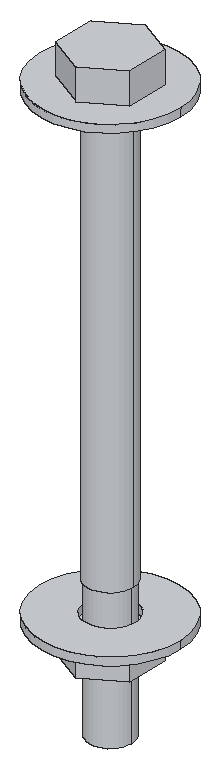
Revit family "GIMBA Geometry", category Generic Models, Revit 2022
Family settings
  Can host rebar = No
  Round Connector Dimension = Use Diameter
  Part Type = Normal
  Work Plane-Based = No
  Always vertical = No
  Cut with Voids When Loaded = No
  Maintain Annotation Orientation = No
  Shared = No
  Room Calculation Point = No
Parameters (values of type "generic")
  tabD2D = "GIMBA D2D"  # constant formula
  pg2l = if(Length < 23 mm, 2, if(Length < 100 mm, 5, 10))  # 10
  cu = round((0.1453 * (D / 1 mm) + 0.3479) * pu) / pu * 1 mm  # 2 mm
  cdu3 = 3 * D + round(0) * 1 mm  # 36 mm
  u = cu  # 2 mm
  cdu2 = round(1.8508 * D / 1 mm + 0.7401) * 1 mm  # 23 mm
  cdu1 = if(D < 11 mm, round(10 * 1.0382 * D / 1 mm + 0.1206) / 10 * 1 mm, D + 1 mm)  # 13 mm
  tabG2L = "GIMBA G2L"  # constant formula
  s = size_lookup(tabMGeo, "s", cs, D)  # 19 mm
  ck = round(2 * (0.6216 * D / 1 mm + 0.2961)) / 2 * 1 mm  # 8 mm
  g2l = size_lookup(tabG2L, "l", Length + 2 * u + 2 * k, D, round(Length / 1 mm / pg2l) * pg2l * 1 mm)  # 150 mm
  pu = if(D < 10 mm, 10, if(D < 16 mm, 2, 1))  # 2
  pP = if(D < 6 mm, 10, if(D < 14 mm, 4, 2))  # 4
  cd2 = D - 3 * sqrt(3) / 8 * P  # 10.863 mm
  cb4 = 2 * D + 25 mm + round(0) * 1 mm  # 49 mm
  cb3 = 2 * D + 12 mm + round(0) * 1 mm  # 36 mm
  cb2 = 2 * D + 6 mm + round(0) * 1 mm  # 30 mm
  cb = if(Shank, if(l < 125 mm, cb2, if(l < 200 mm, cb3, cb4)), l - ca)  # 36 mm
  ca = round(2 * (0.7122 * (D / 1 mm) ^ 0.7822)) / 2 * 1 mm  # 5 mm
  Default Elevation = 0 mm
  cP = round(0.2365 * (D / 1 mm) ^ 0.7831 * pP) / pP * 1 mm  # 1.75 mm
  URL = "https://www.b-tu.de/en/fg-kommunikationstechnik/team/staff/prof-dr-ing-habil-matthias-wolff"
  P = size_lookup(tabMGeo, "P", cP, D)  # 1.75 mm
  Large Washers = yes
  Length = 120 mm
  cH = sqrt(3) / 2 * P  # 1.516 mm
  Manufacturer = "Matthias Wolff"  # constant formula
  D = if(Nominal Diameter < 3 mm, 3 mm, if(Nominal Diameter > 64 mm, 64 mm, size_lookup(tabD2D, "D", Nominal Diameter, round(Nominal Diameter / 1 mm) * 1 mm)))  # 12 mm
  ru1 = cdu1 / 2  # 6.5 mm
  R = D / 2 + round(0) * 1 mm  # 6 mm
  tabMGeo = "GIMBA MGeo"  # constant formula
  g = Length + round(0) * 1 mm  # 120 mm
  cs = round(1.5095 * D / 1 mm + 0.6456) * 1 mm  # 19 mm
  Grip = yes
  Thread Material = none
  Material = none
  l = if(Grip, g2l, Length)  # 150 mm
  r2 = cd2 / 2  # 5.432 mm
  k = size_lookup(tabMGeo, "k", ck, D)  # 8 mm
  ru2 = if(Large Washers, cdu3 / 2, cdu2 / 2)  # 18 mm
  Shank = yes
  Description = "Geometry of an ISO metric bolt assembly with washers and hex cap and nut"  # constant formula
  Nominal Diameter = 12 mm
Reference planes
  plane 1 "Mitte (Vorne/hinten)": y = 0
  plane 2 "Reference plane": z = 0
  plane 3 "Mitte (Links/rechts)": x = 0
  plane 4 "Head bottom": z = 2
  plane 5 "Head top": z = 10
  plane 6 "Lower washer top": z = -120
  plane 7 "Nut top": z = -122
  plane 8 "Nut bottom": z = -130
  plane 9 "Bolt bottom": z = -148
  plane 10 "Shank end": z = -112
  plane 11 "ru1": x = 6.5
  plane 12 "ru2": x = 18
  plane 13 "R": x = 6
  plane 14 "r2": x = 5.432
Forms (mm)
  Sweep 1, solid, material <- "Material", detail levels medium+fine
    path origin (0, 0, 0) x (1, 0, 0) y (0, 0, 1)
      loop
        line (0, 2) -> (0, 10)
    profile "Hexagonal Profile : generic" origin (0, 0, 6) x (-1, 0, 0) y (0, -1, 0)
      loop
        line (-9.5, 5.485) -> (-9.5, -5.485) -> (0, -10.97) -> (9.5, -5.485) -> (9.5, 5.485) -> (0, 10.97) -> (-9.5, 5.485)
  Sweep 2, solid, material <- "Material", visible <- "Grip", detail levels medium+fine
    path origin (0, 0, -109.5) x (1, 0, 0) y (0, 0, 1)
      loop
        line (0, -20.5) -> (0, -12.5)
    profile "Hexagonal Profile : generic" origin (0, 0, -126) x (-1, 0, 0) y (0, -1, 0)
      loop
        line (-9.5, 5.485) -> (-9.5, -5.485) -> (0, -10.97) -> (9.5, -5.485) -> (9.5, 5.485) -> (0, 10.97) -> (-9.5, 5.485)
  Extrusion 3, void
    sketch origin (0, 0, 0) x (1, 0, 0) y (0, 1, 0)
      loop
        circle (0, 0) r 5.432
    from -130 to -122
  Extrusion 4, solid, material <- "Material", detail levels medium+fine
    sketch origin (0, 0, 0) x (1, 0, 0) y (0, 1, 0)
      loop
        circle (0, 0) r 18
      loop
        circle (0, 0) r 6.5
    from 0 to 2
  Extrusion 5, solid, material <- "Material", visible <- "Grip", detail levels medium+fine
    sketch origin (0, 0, 0) x (1, 0, 0) y (0, 1, 0)
      loop
        circle (0, 0) r 18
      loop
        circle (0, 0) r 6.5
    from -122 to -120
  Extrusion 6, solid, material <- "Material", detail levels fine
    sketch origin (0, 0, 0) x (1, 0, 0) y (0, 1, 0)
      loop
        circle (0, 0) r 6
    from -112 to 2
  Extrusion 7, solid, material <- "Thread Material", detail levels fine
    sketch origin (0, 0, 0) x (1, 0, 0) y (0, 1, 0)
      loop
        circle (0, 0) r 5.432
    from -148 to -112
  Extrusion 8, solid, material <- "Material", detail levels medium
    sketch origin (0, 0, 0) x (1, 0, 0) y (0, 1, 0)
      loop
        circle (0, 0) r 6
    from -148 to 2
Cuts and joins
  Extrusion 3 cuts Sweep 1
  Extrusion 3 cuts Sweep 2
Dimensions and locks
  "u": plane 4 "Head bottom" to plane 2 "Reference plane"
  "k": plane 5 "Head top" to plane 4 "Head bottom"
  "g": plane 2 "Reference plane" to plane 6 "Lower washer top"
  "u": plane 6 "Lower washer top" to plane 7 "Nut top"
  "k": plane 7 "Nut top" to plane 8 "Nut bottom"
  "l": plane 4 "Head bottom" to plane 9 "Bolt bottom"
  "cb": plane 10 "Shank end" to plane 9 "Bolt bottom"
  "ru1": plane 11 "ru1" to plane 3 "Mitte (Links/rechts)"
  "ru2": plane 12 "ru2" to plane 3 "Mitte (Links/rechts)"
  "R": plane 13 "R" to plane 3 "Mitte (Links/rechts)"
  "r2": plane 14 "r2" to plane 3 "Mitte (Links/rechts)"
  "r2": radius of Extrusion 3 sketch curve
  "ru2": radius of Extrusion 4 sketch curve
  "ru1": radius of Extrusion 4 sketch curve
  "ru2": radius of Extrusion 5 sketch curve
  "ru1": radius of Extrusion 5 sketch curve
  "R": radius of Extrusion 6 sketch curve
  "r2": radius of Extrusion 7 sketch curve
  "R": radius of Extrusion 8 sketch curve
  aligned and locked: plane 3 "Mitte (Links/rechts)" to Sweep 1 sketch curve
  aligned and locked: plane 5 "Head top" to Sweep 1 sketch curve
  aligned and locked: plane 3 "Mitte (Links/rechts)" to Extrusion 3 sketch curve
  aligned and locked: plane 1 "Mitte (Vorne/hinten)" to Extrusion 3 sketch curve
  aligned and locked: Extrusion 3 to plane 8 "Nut bottom"
  aligned and locked: plane 7 "Nut top" to Extrusion 3
  aligned and locked: plane 8 "Nut bottom" to Sweep 2 sketch curve
  aligned and locked: plane 4 "Head bottom" to cut or joined group of Sweep 1, Extrusion 3
  aligned and locked: plane 5 "Head top" to cut or joined group of Sweep 1, Extrusion 3
  aligned and locked: level to plane 2 "Reference plane"
  aligned and locked: plane 3 "Mitte (Links/rechts)" to Extrusion 4 sketch curve  (x2)
  aligned and locked: plane 1 "Mitte (Vorne/hinten)" to Extrusion 4 sketch curve  (x2)
  aligned and locked: plane 4 "Head bottom" to Extrusion 4
  aligned and locked: Extrusion 4 to plane 2 "Reference plane"
  aligned and locked: plane 3 "Mitte (Links/rechts)" to Extrusion 5 sketch curve  (x2)
  aligned and locked: plane 1 "Mitte (Vorne/hinten)" to Extrusion 5 sketch curve  (x2)
  aligned and locked: plane 6 "Lower washer top" to Extrusion 5
  aligned and locked: Extrusion 5 to plane 7 "Nut top"
  aligned and locked: plane 1 "Mitte (Vorne/hinten)" to Extrusion 6 sketch curve
  aligned and locked: plane 3 "Mitte (Links/rechts)" to Extrusion 6 sketch curve
  aligned and locked: plane 4 "Head bottom" to Extrusion 6
  aligned and locked: Extrusion 6 to plane 10 "Shank end"
  aligned and locked: plane 3 "Mitte (Links/rechts)" to Extrusion 7 sketch curve
  aligned and locked: plane 1 "Mitte (Vorne/hinten)" to Extrusion 7 sketch curve
  aligned and locked: plane 10 "Shank end" to Extrusion 7
  aligned and locked: Extrusion 7 to plane 9 "Bolt bottom"
  aligned and locked: plane 1 "Mitte (Vorne/hinten)" to Extrusion 8 sketch curve
  aligned and locked: Extrusion 8 to plane 9 "Bolt bottom"
  aligned and locked: plane 4 "Head bottom" to Extrusion 8
Automatic sketch dimensions
  Sweep 1 sketch curve to plane 4 "Head bottom" = 0 mm
  Sweep 2 sketch curve to plane 3 "Mitte (Links/rechts)" = 0 mm
  Sweep 2 sketch curve to plane 7 "Nut top" = 0 mm
  Extrusion 8 sketch curve to plane 3 "Mitte (Links/rechts)" = 0 mm
